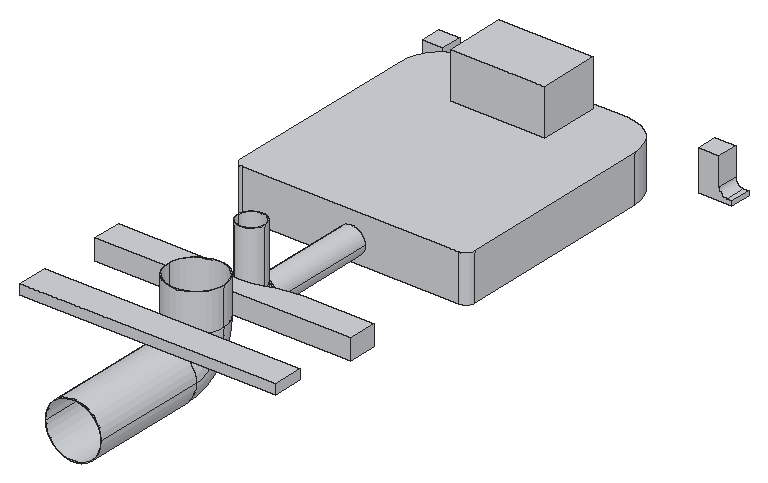
Revit family "Deca_Caixa de descarga embutida para drywall para bacia suspensa_Caixa embutida Hydra_2502.CX.AF", category Plumbing Fixtures, host Face, Revit 2019 (continued)
Lines and regions (mm)
  symbolic lines, style "PlumbingFixtures", visible <- "Visibilidade Mecanismo Interno", detail levels fine
    curve 25: arc (-29.918, 10.325, 0) -> (-29.14, 6.502, 0) -> (-26.958, 3.267, 0) r 10
    curve 26: arc (26.958, 3.267, 0) -> (29.14, 6.502, 0) -> (29.918, 10.325, 0) r 10
    curve 27: line (136.904, 531.183, 0) -> (139.771, 529.074, 0)
    curve 28: line (141.034, 529.074, 0) -> (195.088, 505.235, 0)
    curve 29: line (205.994, 458.626, 0) -> (141.034, 521.357, 0)
    curve 30: spline (215.988, 458.8, 0) -> (215.902, 458.82, 0) -> (215.646, 458.834, 0) -> (215.225, 458.841, 0) -> (214.647, 458.841, 0) -> (213.921, 458.834, 0) -> (213.059, 458.821, 0) -> (212.076, 458.802, 0) -> (210.989, 458.777, 0) -> (209.817, 458.746, 0) -> (208.58, 458.71, 0) -> (207.298, 458.67, 0) -> (205.994, 458.626, 0)
    curve 31: line (195.088, 505.235, 0) -> (198.54, 504.286, 0)
    curve 32: line (141.034, 530.635, 0) -> (166.462, 526.183, 0)
    curve 33: spline (195.088, 505.235, 0) -> (195.16, 505.3, 0) -> (195.238, 505.371, 0) -> (195.322, 505.447, 0) -> (195.412, 505.528, 0) -> (195.507, 505.615, 0) -> (195.607, 505.705, 0) -> (195.71, 505.799, 0) -> (195.817, 505.896, 0) -> (195.926, 505.995, 0) -> (196.037, 506.096, 0) -> (196.149, 506.199, 0) -> (196.262, 506.302, 0)
    curve 34: line (166.462, 526.183, 0) -> (196.262, 506.302, 0)
    curve 35: line (186.75, 556.692, 0) -> (186.75, 547.692, 0)
    curve 36: line (151.75, 547.692, 0) -> (151.75, 556.692, 0)
    curve 37: spline (196.678, 553.949, 0) -> (196.643, 554.74, 0) -> (196.523, 555.524, 0) -> (196.321, 556.29, 0) -> (196.038, 557.03, 0) -> (195.679, 557.736, 0) -> (195.245, 558.399, 0) -> (194.744, 559.013, 0) -> (194.181, 559.57, 0) -> (193.561, 560.063, 0) -> (192.892, 560.488, 0) -> (192.181, 560.839, 0) -> (191.438, 561.112, 0)
    curve 38: line (146.876, 561.112, 0) -> (191.438, 561.112, 0)
    curve 39: line (141.658, 554.597, 0) -> (146.876, 561.112, 0)
    curve 40: line (196.262, 506.302, 0) -> (198.5, 504.526, 0)
    curve 41: line (151.75, 548.683, 0) -> (148.25, 552.183, 0)
    curve 42: line (148.25, 552.183, 0) -> (151.75, 555.683, 0)
    curve 43: line (186.75, 555.683, 0) -> (190.25, 552.183, 0)
    curve 44: line (190.25, 552.183, 0) -> (186.75, 548.683, 0)
    curve 45: spline (141.658, 554.597, 0) -> (141.422, 554.615, 0) -> (141.19, 554.633, 0) -> (140.966, 554.651, 0) -> (140.753, 554.668, 0) -> (140.557, 554.683, 0) -> (140.379, 554.697, 0) -> (140.223, 554.709, 0) -> (140.091, 554.72, 0) -> (139.986, 554.728, 0) -> (139.91, 554.734, 0) -> (139.864, 554.738, 0) -> (139.849, 554.739, 0)
    curve 46: spline (191.438, 561.112, 0) -> (191.506, 561.332, 0) -> (191.572, 561.548, 0) -> (191.636, 561.756, 0) -> (191.697, 561.953, 0) -> (191.753, 562.135, 0) -> (191.804, 562.299, 0) -> (191.848, 562.443, 0) -> (191.885, 562.563, 0) -> (191.914, 562.659, 0) -> (191.936, 562.727, 0) -> (191.948, 562.768, 0) -> (191.952, 562.78, 0)
    curve 47: line (217.602, 411.965, 0) -> (217.57, 413.494, 0)
    curve 48: line (217.882, 404.186, 0) -> (217.602, 411.965, 0)
    curve 49: line (137.906, 532.533, 0) -> (139.771, 530.635, 0)
    curve 50: line (207.895, 404.186, 0) -> (217.882, 404.186, 0)
    curve 51: line (-161.403, 526.183, 0) -> (-141.034, 529.074, 0)
    curve 52: line (-173.597, 521.433, 0) -> (-161.403, 526.183, 0)
    curve 53: line (-139.771, 529.074, 0) -> (-136.904, 531.183, 0)
    curve 54: line (-166.462, 526.183, 0) -> (-141.034, 530.635, 0)
    curve 55: line (-176.989, 521.433, 0) -> (-166.462, 526.183, 0)
    curve 56: line (-139.771, 530.635, 0) -> (-137.906, 532.533, 0)
    curve 57: line (-151.75, 556.692, 0) -> (-151.75, 547.692, 0)
    curve 58: line (-186.75, 547.692, 0) -> (-186.75, 556.692, 0)
    curve 59: line (-190.25, 552.183, 0) -> (-186.75, 555.683, 0)
    curve 60: line (-186.75, 548.683, 0) -> (-190.25, 552.183, 0)
    curve 61: line (-148.25, 552.183, 0) -> (-151.75, 548.683, 0)
    curve 62: line (-151.75, 555.683, 0) -> (-148.25, 552.183, 0)
    curve 63: line (136.889, 531.183, 0) -> (137.906, 532.533, 0)
    curve 64: line (-137.906, 532.533, 0) -> (-136.889, 531.183, 0)
    curve 65: arc (43.5, 531.183, 0) -> (44.914, 531.769, 0) -> (45.5, 533.183, 0) r 2
    curve 66: arc (89.5, 533.183, 0) -> (90.086, 531.769, 0) -> (91.5, 531.183, 0) r 2
    curve 67: arc (47.5, 539.183, 0) -> (46.086, 538.597, 0) -> (45.5, 537.183, 0) r 2
    curve 68: arc (89.5, 537.183, 0) -> (88.914, 538.597, 0) -> (87.5, 539.183, 0) r 2
    curve 69: arc (-87.5, 539.183, 0) -> (-88.914, 538.597, 0) -> (-89.5, 537.183, 0) r 2
    curve 70: arc (-45.5, 537.183, 0) -> (-46.086, 538.597, 0) -> (-47.5, 539.183, 0) r 2
    curve 71: arc (-91.5, 531.183, 0) -> (-90.086, 531.769, 0) -> (-89.5, 533.183, 0) r 2
    curve 72: arc (-45.5, 533.183, 0) -> (-44.914, 531.769, 0) -> (-43.5, 531.183, 0) r 2
    curve 73: arc (22, 533.183, 0) -> (22.586, 531.769, 0) -> (24, 531.183, 0) r 2
    curve 74: arc (-24, 531.183, 0) -> (-22.586, 531.769, 0) -> (-22, 533.183, 0) r 2
    curve 75: arc (22, 537.183, 0) -> (21.414, 538.597, 0) -> (20, 539.183, 0) r 2
    curve 76: arc (-20, 539.183, 0) -> (-21.414, 538.597, 0) -> (-22, 537.183, 0) r 2
    curve 77: line (-122.794, 404.184, 0) -> (-129.231, 404.183, 0)
    curve 78: line (130.024, 521.357, 0) -> (130.061, 531.183, 0)
    curve 79: line (-130.061, 531.183, 0) -> (-130.024, 521.357, 0)
    curve 80: line (207.895, 401.183, 0) -> (129.283, 401.183, 0)
    curve 81: line (207.895, 401.183, 0) -> (217.843, 401.183, 0)
    curve 82: line (-207.895, 401.183, 0) -> (-129.283, 401.183, 0)
    curve 83: line (113.13, 401.183, 0) -> (129.283, 401.183, 0)
    curve 84: line (-118.161, 531.183, 0) -> (-110.868, 531.183, 0)
    curve 85: line (-108.475, 531.183, 0) -> (-91.751, 531.183, 0)
    curve 86: line (-43.519, 531.183, 0) -> (-37.053, 531.183, 0)
    curve 87: line (36.937, 531.183, 0) -> (43.519, 531.183, 0)
    curve 88: line (91.57, 531.183, 0) -> (108.576, 531.183, 0)
    curve 89: line (110.756, 531.183, 0) -> (116.564, 531.183, 0)
    curve 90: line (117.227, 531.183, 0) -> (118.32, 531.183, 0)
    curve 91: line (133.834, 531.184, 0) -> (136.008, 531.183, 0)
    curve 92: line (189.699, 388.182, 0) -> (202.852, 381.165, 0)
    curve 93: line (-200.225, 383.251, 0) -> (189.699, 388.182, 0)
    curve 94: line (-228.869, 373.183, 0) -> (-218.869, 373.183, 0)
    curve 95: line (-210.767, 374.871, 0) -> (-218.869, 373.183, 0)
    curve 96: line (-202.852, 381.165, 0) -> (-210.767, 374.871, 0)
    curve 97: line (208.935, 376.336, 0) -> (218.869, 373.183, 0)
    curve 98: line (202.852, 381.165, 0) -> (208.935, 376.336, 0)
    curve 99: line (218.869, 373.183, 0) -> (228.869, 373.183, 0)
    curve 100: line (-202.852, 381.165, 0) -> (-201.539, 382.208, 0)
    curve 101: line (-200.225, 383.251, 0) -> (-201.539, 382.208, 0)
    curve 102: spline (-42.063, 50.325, 0) -> (-38.566, 50.031, 0) -> (-35.067, 49.763, 0) -> (-31.566, 49.52, 0) -> (-28.063, 49.303, 0) -> (-24.558, 49.112, 0) -> (-21.052, 48.946, 0) -> (-17.544, 48.805, 0) -> (-14.036, 48.69, 0) -> (-10.527, 48.6, 0) -> (-7.018, 48.537, 0) -> (-3.509, 48.498, 0) -> (0, 48.485, 0)
    curve 103: line (0, 48.485, 0) -> (42.066, 50.325, 0)
    curve 104: line (177.5, 39.783, 0) -> (163, 40.159, 0)
    curve 105: line (216.948, 43.234, 0) -> (216.895, 52.068, 0)
    curve 106: line (199.053, 50.504, 0) -> (198.567, 51.242, 0)
    curve 107: line (97.15, 42.35, 0) -> (96.826, 34.359, 0)
    curve 108: line (96.826, 34.359, 0) -> (102.697, 34.883, 0)
    curve 109: line (-177.5, 39.783, 0) -> (-163, 40.159, 0)
    curve 110: line (-102.697, 34.883, 0) -> (-96.826, 34.359, 0)
    curve 111: line (-96.826, 34.359, 0) -> (-97.15, 42.35, 0)
    curve 112: line (-198.567, 51.242, 0) -> (-199.053, 50.504, 0)
    curve 113: line (-216.895, 52.068, 0) -> (-216.948, 43.234, 0)
    curve 114: line (94.285, 31.883, 0) -> (96.826, 34.359, 0)
    curve 115: spline (216.895, 52.068, 0) -> (218.123, 52.212, 0) -> (219.32, 52.486, 0) -> (220.468, 52.886, 0) -> (221.55, 53.405, 0) -> (222.548, 54.036, 0) -> (223.449, 54.769, 0) -> (224.237, 55.593, 0) -> (224.901, 56.495, 0) -> (225.43, 57.461, 0) -> (225.817, 58.477, 0) -> (226.055, 59.526, 0) -> (226.141, 60.594, 0)
    curve 116: spline (-226.141, 60.594, 0) -> (-226.055, 59.526, 0) -> (-225.817, 58.477, 0) -> (-225.43, 57.461, 0) -> (-224.901, 56.495, 0) -> (-224.237, 55.593, 0) -> (-223.448, 54.769, 0) -> (-222.548, 54.036, 0) -> (-221.549, 53.405, 0) -> (-220.468, 52.886, 0) -> (-219.319, 52.486, 0) -> (-218.122, 52.212, 0) -> (-216.895, 52.068, 0)
    curve 117: line (-96.826, 34.359, 0) -> (-94.285, 31.883, 0)
    curve 118: spline (-226.179, 64.923, 0) -> (-226.006, 64.919, 0) -> (-225.493, 64.919, 0) -> (-224.657, 64.922, 0) -> (-223.528, 64.928, 0) -> (-222.145, 64.936, 0) -> (-220.555, 64.948, 0) -> (-218.814, 64.961, 0) -> (-216.982, 64.976, 0) -> (-215.122, 64.993, 0) -> (-213.298, 65.009, 0) -> (-211.574, 65.026, 0) -> (-210.01, 65.043, 0)
    curve 119: spline (216.179, 64.983, 0) -> (217.485, 64.972, 0) -> (218.767, 64.961, 0) -> (220.006, 64.952, 0) -> (221.179, 64.943, 0) -> (222.267, 64.936, 0) -> (223.25, 64.929, 0) -> (224.112, 64.924, 0) -> (224.839, 64.921, 0) -> (225.418, 64.919, 0) -> (225.838, 64.919, 0) -> (226.093, 64.92, 0) -> (226.179, 64.923, 0)
    curve 120: line (228.843, 356.874, 0) -> (228.86, 367.853, 0)
    curve 121: line (228.867, 371.667, 0) -> (228.869, 372.934, 0)
    curve 122: line (199.053, 50.504, 0) -> (199.267, 51.374, 0)
    curve 123: line (216.895, 52.068, 0) -> (216.179, 64.983, 0)
    curve 124: line (199.053, 50.504, 0) -> (198.913, 51.352, 0)
    curve 125: spline (42.066, 50.325, 0) -> (42.127, 49.627, 0) -> (42.188, 48.93, 0) -> (42.249, 48.236, 0) -> (42.31, 47.547, 0) -> (42.369, 46.864, 0) -> (42.429, 46.189, 0) -> (42.487, 45.523, 0) -> (42.545, 44.867, 0) -> (42.601, 44.224, 0) -> (42.656, 43.594, 0) -> (42.71, 42.978, 0) -> (42.763, 42.379, 0)
    curve 126: line (92.425, 46.819, 0) -> (42.763, 42.379, 0)
    curve 127: line (97.175, 42.786, 0) -> (92.425, 46.819, 0)
    curve 128: line (94.393, 40.427, 0) -> (92.563, 45.292, 0)
    curve 129: line (-92.425, 46.819, 0) -> (-97.175, 42.786, 0)
    curve 130: line (-42.763, 42.379, 0) -> (-92.425, 46.819, 0)
    curve 131: spline (-42.763, 42.379, 0) -> (-42.71, 42.978, 0) -> (-42.656, 43.594, 0) -> (-42.601, 44.224, 0) -> (-42.545, 44.867, 0) -> (-42.487, 45.523, 0) -> (-42.429, 46.189, 0) -> (-42.369, 46.864, 0) -> (-42.31, 47.547, 0) -> (-42.249, 48.236, 0) -> (-42.188, 48.93, 0) -> (-42.127, 49.627, 0) -> (-42.066, 50.325, 0)
    curve 132: line (-198.913, 51.352, 0) -> (-199.053, 50.504, 0)
    curve 133: line (-199.267, 51.374, 0) -> (-199.053, 50.504, 0)
    curve 134: line (-92.563, 45.292, 0) -> (-94.393, 40.427, 0)
    curve 135: spline (200.084, 63.91, 0) -> (200.717, 63.905, 0) -> (201.285, 63.9, 0) -> (201.729, 63.898, 0) -> (202.004, 63.897, 0) -> (202.082, 63.898, 0) -> (201.955, 63.901, 0) -> (201.635, 63.905, 0) -> (201.155, 63.91, 0) -> (200.566, 63.916, 0) -> (199.927, 63.922, 0) -> (199.304, 63.927, 0) -> (198.761, 63.931, 0)
    curve 136: spline (200.079, 63.572, 0) -> (199.678, 63.581, 0) -> (199.294, 63.589, 0) -> (198.941, 63.596, 0) -> (198.635, 63.602, 0) -> (198.387, 63.607, 0) -> (198.208, 63.61, 0) -> (198.104, 63.611, 0) -> (198.081, 63.611, 0) -> (198.138, 63.608, 0) -> (198.275, 63.604, 0) -> (198.484, 63.599, 0) -> (198.758, 63.592, 0)
    curve 137: spline (200.074, 63.451, 0) -> (199.955, 63.453, 0) -> (199.835, 63.456, 0) -> (199.717, 63.457, 0) -> (199.6, 63.459, 0) -> (199.484, 63.461, 0) -> (199.371, 63.463, 0) -> (199.26, 63.464, 0) -> (199.152, 63.466, 0) -> (199.047, 63.467, 0) -> (198.946, 63.468, 0) -> (198.85, 63.469, 0) -> (198.757, 63.47, 0)
    curve 138: spline (197.445, 63.438, 0) -> (197.564, 63.44, 0) -> (197.683, 63.441, 0) -> (197.801, 63.443, 0) -> (197.918, 63.445, 0) -> (198.033, 63.448, 0) -> (198.146, 63.45, 0) -> (198.256, 63.453, 0) -> (198.364, 63.456, 0) -> (198.468, 63.459, 0) -> (198.569, 63.463, 0) -> (198.665, 63.466, 0) -> (198.757, 63.47, 0)
    curve 139: spline (197.438, 63.941, 0) -> (197.559, 63.94, 0) -> (197.679, 63.939, 0) -> (197.798, 63.938, 0) -> (197.915, 63.937, 0) -> (198.031, 63.936, 0) -> (198.145, 63.935, 0) -> (198.257, 63.934, 0) -> (198.365, 63.934, 0) -> (198.47, 63.933, 0) -> (198.571, 63.932, 0) -> (198.668, 63.931, 0) -> (198.761, 63.931, 0)
    curve 140: spline (11.491, 40.609, 0) -> (14.101, 40.679, 0) -> (16.71, 40.762, 0) -> (19.319, 40.86, 0) -> (21.927, 40.972, 0) -> (24.535, 41.099, 0) -> (27.142, 41.239, 0) -> (29.748, 41.394, 0) -> (32.353, 41.563, 0) -> (34.957, 41.745, 0) -> (37.561, 41.943, 0) -> (40.162, 42.154, 0) -> (42.763, 42.379, 0)
    curve 141: line (11.491, 40.609, 0) -> (0, 43.361, 0)
    curve 142: spline (42.902, 40.834, 0) -> (42.89, 40.97, 0) -> (42.878, 41.106, 0) -> (42.866, 41.241, 0) -> (42.854, 41.375, 0) -> (42.842, 41.507, 0) -> (42.83, 41.638, 0) -> (42.818, 41.768, 0) -> (42.807, 41.895, 0) -> (42.795, 42.02, 0) -> (42.784, 42.143, 0) -> (42.774, 42.263, 0) -> (42.763, 42.379, 0)
    curve 143: spline (92.563, 45.292, 0) -> (92.55, 45.426, 0) -> (92.538, 45.56, 0) -> (92.526, 45.693, 0) -> (92.515, 45.825, 0) -> (92.503, 45.957, 0) -> (92.491, 46.086, 0) -> (92.479, 46.214, 0) -> (92.468, 46.34, 0) -> (92.457, 46.464, 0) -> (92.446, 46.585, 0) -> (92.435, 46.704, 0) -> (92.425, 46.819, 0)
    curve 144: spline (12.045, 39.064, 0) -> (14.62, 39.136, 0) -> (17.195, 39.221, 0) -> (19.769, 39.32, 0) -> (22.343, 39.433, 0) -> (24.916, 39.56, 0) -> (27.489, 39.701, 0) -> (30.06, 39.855, 0) -> (32.631, 40.023, 0) -> (35.201, 40.206, 0) -> (37.769, 40.401, 0) -> (40.336, 40.611, 0) -> (42.902, 40.834, 0)
    curve 145: line (12.613, 27.165, 0) -> (12.045, 39.064, 0)
    curve 146: spline (-92.425, 46.819, 0) -> (-92.435, 46.704, 0) -> (-92.446, 46.585, 0) -> (-92.457, 46.464, 0) -> (-92.468, 46.34, 0) -> (-92.479, 46.214, 0) -> (-92.491, 46.086, 0) -> (-92.503, 45.957, 0) -> (-92.515, 45.825, 0) -> (-92.526, 45.693, 0) -> (-92.538, 45.56, 0) -> (-92.55, 45.426, 0) -> (-92.563, 45.292, 0)
    curve 147: spline (-42.755, 42.378, 0) -> (-42.711, 42.877, 0) -> (-42.675, 43.281, 0) -> (-42.65, 43.571, 0) -> (-42.637, 43.735, 0) -> (-42.635, 43.765, 0) -> (-42.645, 43.659, 0) -> (-42.667, 43.423, 0) -> (-42.7, 43.068, 0) -> (-42.742, 42.608, 0) -> (-42.791, 42.066, 0) -> (-42.846, 41.466, 0) -> (-42.902, 40.834, 0)
    curve 148: spline (-42.755, 42.378, 0) -> (-40.155, 42.153, 0) -> (-37.553, 41.942, 0) -> (-34.951, 41.745, 0) -> (-32.347, 41.562, 0) -> (-29.743, 41.393, 0) -> (-27.138, 41.239, 0) -> (-24.531, 41.098, 0) -> (-21.924, 40.972, 0) -> (-19.317, 40.86, 0) -> (-16.709, 40.762, 0) -> (-14.1, 40.679, 0) -> (-11.491, 40.609, 0)
    curve 149: line (0, 43.361, 0) -> (-11.491, 40.609, 0)
    curve 150: line (-12.045, 39.064, 0) -> (-12.613, 27.165, 0)
    curve 151: spline (-42.902, 40.834, 0) -> (-40.336, 40.611, 0) -> (-37.769, 40.401, 0) -> (-35.201, 40.206, 0) -> (-32.631, 40.023, 0) -> (-30.06, 39.855, 0) -> (-27.489, 39.701, 0) -> (-24.916, 39.56, 0) -> (-22.343, 39.433, 0) -> (-19.769, 39.32, 0) -> (-17.195, 39.221, 0) -> (-14.62, 39.136, 0) -> (-12.045, 39.064, 0)
    curve 152: arc (44, 25.183, 0) -> (43.707, 25.89, 0) -> (43, 26.183, 0) r 1
    curve 153: spline (44, 25.183, 0) -> (43.992, 25.314, 0) -> (43.966, 25.442, 0) -> (43.924, 25.566, 0) -> (43.866, 25.683, 0) -> (43.793, 25.792, 0) -> (43.707, 25.89, 0) -> (43.609, 25.976, 0) -> (43.5, 26.049, 0) -> (43.383, 26.107, 0) -> (43.259, 26.149, 0) -> (43.131, 26.174, 0) -> (43, 26.183, 0)
    curve 154: spline (-43, 26.183, 0) -> (-43.129, 26.175, 0) -> (-43.256, 26.15, 0) -> (-43.379, 26.109, 0) -> (-43.495, 26.052, 0) -> (-43.603, 25.981, 0) -> (-43.701, 25.896, 0) -> (-43.787, 25.8, 0) -> (-43.86, 25.693, 0) -> (-43.919, 25.578, 0) -> (-43.962, 25.456, 0) -> (-43.989, 25.33, 0) -> (-44, 25.201, 0)
    curve 155: arc (-43, 26.183, 0) -> (-43.707, 25.89, 0) -> (-44, 25.183, 0) r 1
    curve 156: line (12.045, 39.064, 0) -> (11.491, 40.609, 0)
    curve 157: line (45, -33.554, 0) -> (46.403, -33.817, 0)
    curve 158: line (-11.491, 40.609, 0) -> (-12.045, 39.064, 0)
    curve 159: line (-45, -33.554, 0) -> (-46.403, -33.817, 0)
    curve 160: line (44, -32.351, 0) -> (45, -33.554, 0)
    curve 161: line (-44, -32.351, 0) -> (-45, -33.554, 0)
    curve 162: line (226.076, 53.109, 0) -> (216.948, 43.234, 0)
    curve 163: line (-216.948, 43.234, 0) -> (-226.076, 53.109, 0)
    curve 164: arc (174.5, 31.883, 0) -> (176.621, 32.762, 0) -> (177.5, 34.883, 0) r 3
    curve 165: arc (-177.5, 34.883, 0) -> (-176.621, 32.762, 0) -> (-174.5, 31.883, 0) r 3
    curve 166: line (228.867, 371.667, 0) -> (228.86, 367.853, 0)
    curve 167: arc (218, 381.183, 0) -> (219.464, 377.647, 0) -> (223, 376.183, 0) r 5
    curve 168: line (-82.925, 543.433, 0) -> (-73.363, 543.433, 0)
    curve 169: line (-61.637, 543.433, 0) -> (-52.075, 543.433, 0)
    curve 170: arc (-49.427, 542.165, 0) -> (-49.988, 543.076, 0) -> (-50.997, 543.433, 0) r 1.606
    curve 171: arc (-84.003, 543.433, 0) -> (-85.012, 543.076, 0) -> (-85.573, 542.165, 0) r 1.606
    curve 172: line (-77.843, 543.833, 0) -> (-78.296, 545.326, 0)
    curve 173: line (-56.7, 545.34, 0) -> (-57.157, 543.833, 0)
    curve 174: arc (11.615, 516.834, 0) -> (12.329, 517.13, 0) -> (12.625, 517.844, 0) r 1.01
    curve 175: arc (-12.625, 517.844, 0) -> (-12.329, 517.13, 0) -> (-11.615, 516.834, 0) r 1.01
    curve 176: arc (107.565, 400.573, 0) -> (106.494, 400.129, 0) -> (106.05, 399.058, 0) r 1.515
    curve 177: arc (97.902, 518.197, 0) -> (99.6, 520.295, 0) -> (97.829, 522.332, 0) r 2.1
    curve 178: arc (97.952, 489.422, 0) -> (99.6, 491.477, 0) -> (97.945, 493.525, 0) r 2.1
    curve 179: arc (97.924, 418.716, 0) -> (99.6, 420.769, 0) -> (97.931, 422.828, 0) r 2.1
    curve 180: arc (97.829, 402.034, 0) -> (99.6, 404.071, 0) -> (97.902, 406.169, 0) r 2.1
    curve 181: arc (-99.241, 402.933, 0) -> (-98.628, 402.337, 0) -> (-97.829, 402.034, 0) r 2.1
    curve 182: spline (-11.615, 519.497, 0) -> (-11.747, 519.497, 0) -> (-11.876, 519.497, 0) -> (-12.001, 519.496, 0) -> (-12.12, 519.496, 0) -> (-12.23, 519.495, 0) -> (-12.329, 519.494, 0) -> (-12.416, 519.493, 0) -> (-12.49, 519.492, 0) -> (-12.548, 519.491, 0) -> (-12.591, 519.49, 0) -> (-12.616, 519.489, 0) -> (-12.625, 519.487, 0)
    curve 183: spline (12.625, 519.487, 0) -> (12.616, 519.489, 0) -> (12.591, 519.49, 0) -> (12.548, 519.491, 0) -> (12.49, 519.492, 0) -> (12.416, 519.493, 0) -> (12.329, 519.494, 0) -> (12.23, 519.495, 0) -> (12.12, 519.496, 0) -> (12.002, 519.496, 0) -> (11.876, 519.497, 0) -> (11.747, 519.497, 0) -> (11.615, 519.497, 0)
    curve 184: arc (68.68, 513.196, 0) -> (70.188, 513.821, 0) -> (70.813, 515.329, 0) r 2.133
    curve 185: arc (50.387, 515.329, 0) -> (51.012, 513.821, 0) -> (52.52, 513.196, 0) r 2.133
    curve 186: arc (-52.52, 513.196, 0) -> (-51.012, 513.821, 0) -> (-50.387, 515.329, 0) r 2.133
    curve 187: arc (-70.813, 515.329, 0) -> (-70.188, 513.821, 0) -> (-68.68, 513.196, 0) r 2.133
    curve 188: arc (-34.886, -207.127, 0) -> (-36.359, -208.559, 0) -> (-36.9, -210.541, 0) r 3.9
    curve 189: arc (-19, -232.007, 0) -> (-16.76, -232.291, 0) -> (-14.515, -232.54, 0) r 142.05
    curve 190: arc (-36.353, -214.767, 0) -> (-35.947, -214.965, 0) -> (-35.5, -215.033, 0) r 1.5
    curve 191: arc (-35, -215.033, 0) -> (-34.293, -214.741, 0) -> (-34, -214.033, 0) r 1
    curve 192: arc (28.1, -175.719, 0) -> (26.939, -175.515, 0) -> (25.762, -175.464, 0) r 9
    curve 193: line (35.107, -205.941, 0) -> (35.839, -208.541, 0)
    curve 194: arc (38.254, -215.619, 0) -> (38.687, -214.97, 0) -> (38.839, -214.205, 0) r 2
    curve 195: arc (35.011, -218.033, 0) -> (35.776, -217.881, 0) -> (36.425, -217.448, 0) r 2
    curve 196: line (33.039, -217.943, 0) -> (31.318, -216.96, 0)
    curve 197: line (70.161, -321.19, 0) -> (70.862, -315.863, 0)
    curve 198: line (64.078, -328.192, 0) -> (63.971, -327.261, 0)
    curve 199: spline (63.971, -327.261, 0) -> (63.959, -327.161, 0) -> (63.946, -327.06, 0) -> (63.934, -326.96, 0) -> (63.921, -326.859, 0) -> (63.908, -326.759, 0) -> (63.895, -326.658, 0) -> (63.881, -326.558, 0) -> (63.868, -326.457, 0) -> (63.854, -326.357, 0) -> (63.84, -326.257, 0) -> (63.827, -326.156, 0) -> (63.812, -326.056, 0)
    curve 200: spline (28.738, -277.386, 0) -> (28.648, -277.343, 0) -> (28.555, -277.304, 0) -> (28.461, -277.268, 0) -> (28.365, -277.236, 0) -> (28.269, -277.208, 0) -> (28.171, -277.184, 0) -> (28.073, -277.164, 0) -> (27.973, -277.148, 0) -> (27.873, -277.136, 0) -> (27.773, -277.128, 0) -> (27.673, -277.124, 0) -> (27.572, -277.124, 0)
    curve 201: spline (20.123, -276.773, 0) -> (20.141, -276.823, 0) -> (20.165, -276.87, 0) -> (20.193, -276.915, 0) -> (20.226, -276.956, 0) -> (20.263, -276.994, 0) -> (20.304, -277.027, 0) -> (20.348, -277.056, 0) -> (20.395, -277.08, 0) -> (20.444, -277.099, 0) -> (20.495, -277.113, 0) -> (20.548, -277.121, 0) -> (20.6, -277.124, 0)
    curve 202: spline (-20.601, -277.124, 0) -> (-20.523, -277.118, 0) -> (-20.448, -277.1, 0) -> (-20.376, -277.071, 0) -> (-20.309, -277.031, 0) -> (-20.249, -276.981, 0) -> (-20.198, -276.922, 0) -> (-20.157, -276.856, 0) -> (-20.127, -276.784, 0) -> (-20.107, -276.709, 0) -> (-20.1, -276.631, 0) -> (-20.105, -276.554, 0) -> (-20.122, -276.478, 0)
    curve 203: spline (-27.624, -277.124, 0) -> (-27.721, -277.126, 0) -> (-27.817, -277.132, 0) -> (-27.912, -277.141, 0) -> (-28.008, -277.154, 0) -> (-28.102, -277.171, 0) -> (-28.196, -277.191, 0) -> (-28.289, -277.215, 0) -> (-28.381, -277.242, 0) -> (-28.472, -277.273, 0) -> (-28.562, -277.308, 0) -> (-28.651, -277.345, 0) -> (-28.738, -277.387, 0)
    curve 204: spline (-60.783, -356.475, 0) -> (-60.754, -356.55, 0) -> (-60.718, -356.623, 0) -> (-60.676, -356.692, 0) -> (-60.629, -356.758, 0) -> (-60.577, -356.819, 0) -> (-60.52, -356.877, 0) -> (-60.458, -356.929, 0) -> (-60.393, -356.976, 0) -> (-60.324, -357.018, 0) -> (-60.251, -357.054, 0) -> (-60.176, -357.085, 0) -> (-60.099, -357.109, 0)
    curve 205: line (-52.142, -357.413, 0) -> (-53.22, -358.952, 0)
    curve 206: spline (-55.734, -349.942, 0) -> (-55.884, -349.996, 0) -> (-56.025, -350.073, 0) -> (-56.151, -350.171, 0) -> (-56.26, -350.288, 0) -> (-56.349, -350.421, 0) -> (-56.415, -350.566, 0) -> (-56.458, -350.72, 0) -> (-56.475, -350.879, 0) -> (-56.467, -351.039, 0) -> (-56.433, -351.195, 0) -> (-56.376, -351.344, 0) -> (-56.295, -351.482, 0)
    curve 207: line (63.052, -299.114, 0) -> (58.037, -298.454, 0)
    curve 208: spline (56.969, -301.647, 0) -> (56.929, -301.578, 0) -> (56.889, -301.51, 0) -> (56.848, -301.441, 0) -> (56.808, -301.373, 0) -> (56.767, -301.304, 0) -> (56.726, -301.236, 0) -> (56.686, -301.168, 0) -> (56.645, -301.099, 0) -> (56.604, -301.031, 0) -> (56.563, -300.963, 0) -> (56.522, -300.895, 0) -> (56.481, -300.827, 0)
    curve 209: spline (61.263, -299.782, 0) -> (61.18, -299.637, 0) -> (61.074, -299.508, 0) -> (60.948, -299.398, 0) -> (60.805, -299.311, 0) -> (60.65, -299.249, 0) -> (60.487, -299.213, 0) -> (60.32, -299.205, 0) -> (60.154, -299.225, 0) -> (59.994, -299.273, 0) -> (59.844, -299.346, 0) -> (59.708, -299.443, 0) -> (59.59, -299.562, 0)
    curve 210: spline (68.742, -319.919, 0) -> (68.914, -319.694, 0) -> (69.063, -319.453, 0) -> (69.19, -319.199, 0) -> (69.291, -318.935, 0) -> (69.368, -318.662, 0) -> (69.418, -318.383, 0) -> (69.442, -318.1, 0) -> (69.439, -317.817, 0) -> (69.409, -317.535, 0) -> (69.352, -317.257, 0) -> (69.27, -316.986, 0) -> (69.163, -316.723, 0)
    curve 211: spline (28.75, -277.318, 0) -> (28.663, -277.277, 0) -> (28.575, -277.239, 0) -> (28.485, -277.205, 0) -> (28.394, -277.174, 0) -> (28.302, -277.146, 0) -> (28.208, -277.123, 0) -> (28.114, -277.102, 0) -> (28.02, -277.086, 0) -> (27.924, -277.073, 0) -> (27.828, -277.064, 0) -> (27.732, -277.058, 0) -> (27.636, -277.056, 0)
    curve 212: spline (-28.216, -277.124, 0) -> (-28.262, -277.136, 0) -> (-28.308, -277.148, 0) -> (-28.353, -277.161, 0) -> (-28.399, -277.175, 0) -> (-28.444, -277.19, 0) -> (-28.489, -277.206, 0) -> (-28.533, -277.223, 0) -> (-28.577, -277.24, 0) -> (-28.621, -277.258, 0) -> (-28.665, -277.278, 0) -> (-28.708, -277.297, 0) -> (-28.75, -277.318, 0)
    curve 213: spline (56.969, -301.647, 0) -> (57.015, -301.712, 0) -> (57.07, -301.769, 0) -> (57.134, -301.817, 0) -> (57.205, -301.854, 0) -> (57.28, -301.879, 0) -> (57.359, -301.892, 0) -> (57.438, -301.892, 0) -> (57.517, -301.88, 0) -> (57.593, -301.855, 0) -> (57.664, -301.819, 0) -> (57.728, -301.772, 0) -> (57.784, -301.715, 0)
    curve 214: spline (63.613, -324.739, 0) -> (63.637, -324.832, 0) -> (63.678, -324.918, 0) -> (63.735, -324.995, 0) -> (63.805, -325.059, 0) -> (63.886, -325.109, 0) -> (63.976, -325.143, 0) -> (64.07, -325.16, 0) -> (64.166, -325.158, 0) -> (64.259, -325.138, 0) -> (64.347, -325.101, 0) -> (64.427, -325.048, 0) -> (64.495, -324.98, 0)
    curve 215: line (-47.532, -370.997, 0) -> (-43.014, -369.473, 0)
    curve 216: line (-60.925, -369.995, 0) -> (-58.607, -371.132, 0)
    curve 217: spline (-64.41, -337.125, 0) -> (-64.943, -336.883, 0) -> (-65.51, -336.74, 0) -> (-66.094, -336.702, 0) -> (-66.675, -336.769, 0) -> (-67.234, -336.939, 0) -> (-67.754, -337.207, 0) -> (-68.217, -337.564, 0) -> (-68.609, -337.998, 0) -> (-68.916, -338.496, 0) -> (-69.129, -339.04, 0) -> (-69.241, -339.614, 0) -> (-69.248, -340.199, 0)
    curve 218: line (-66.149, -379.66, 0) -> (-63.057, -381.18, 0)
    curve 219: spline (-66.151, -379.664, 0) -> (-66.094, -380.005, 0) -> (-65.98, -380.33, 0) -> (-65.811, -380.632, 0) -> (-65.593, -380.899, 0) -> (-65.332, -381.126, 0) -> (-65.036, -381.304, 0) -> (-64.714, -381.428, 0) -> (-64.375, -381.496, 0) -> (-64.03, -381.504, 0) -> (-63.688, -381.453, 0) -> (-63.361, -381.343, 0) -> (-63.057, -381.18, 0)
    curve 220: spline (-64.411, -337.119, 0) -> (-64.944, -336.877, 0) -> (-65.512, -336.735, 0) -> (-66.096, -336.697, 0) -> (-66.677, -336.764, 0) -> (-67.237, -336.935, 0) -> (-67.758, -337.203, 0) -> (-68.221, -337.561, 0) -> (-68.613, -337.995, 0) -> (-68.921, -338.494, 0) -> (-69.134, -339.039, 0) -> (-69.246, -339.614, 0) -> (-69.253, -340.199, 0)
    curve 221: spline (-50, -634.951, 0) -> (-48.296, -634.973, 0) -> (-43.301, -634.995, 0) -> (-35.355, -635.013, 0) -> (-25, -635.026, 0) -> (-12.941, -635.035, 0) -> (0, -635.038, 0) -> (12.941, -635.035, 0) -> (25, -635.026, 0) -> (35.355, -635.013, 0) -> (43.301, -634.995, 0) -> (48.296, -634.973, 0) -> (50, -634.951, 0)
    curve 222: line (45.139, -366.622, 0) -> (45.15, -380.093, 0)
    curve 223: line (-45.15, -380.093, 0) -> (-45.146, -369.872, 0)
    curve 224: arc (-301, 606.433, 0) -> (-305.25, 602.183, 0) -> (-301, 597.933, 0) r 4.25
    curve 225: arc (-291, 603.619, 0) -> (-292.555, 605.659, 0) -> (-295, 606.433, 0) r 4.25
    curve 226: arc (-295, 597.933, 0) -> (-292.555, 598.707, 0) -> (-291, 600.747, 0) r 4.25
    curve 227: circle (-270, 602.183, 0) r 8.25 normal (0, 0, 1)
    curve 228: line (-290, 622.183, 0) -> (-306, 622.183, 0)
    curve 229: arc (-313, 622.183, 0) -> (-314.414, 621.597, 0) -> (-315, 620.183, 0) r 2
    curve 230: arc (-315, 584.183, 0) -> (-314.414, 582.769, 0) -> (-313, 582.183, 0) r 2
    curve 231: arc (301, 597.933, 0) -> (305.25, 602.183, 0) -> (301, 606.433, 0) r 4.25
    curve 232: arc (291, 600.747, 0) -> (292.555, 598.707, 0) -> (295, 597.933, 0) r 4.25
    curve 233: arc (295, 606.433, 0) -> (292.555, 605.659, 0) -> (291, 603.619, 0) r 4.25
    curve 234: circle (270, 602.183, 0) r 8.25 normal (0, 0, 1)
    curve 235: line (290, 582.183, 0) -> (306, 582.183, 0)
    curve 236: arc (313, 582.183, 0) -> (314.414, 582.769, 0) -> (315, 584.183, 0) r 2
    curve 237: arc (315, 620.183, 0) -> (314.414, 621.597, 0) -> (313, 622.183, 0) r 2
    curve 238: circle (0, -200.033, 0) r 35.6 normal (0, 0, 1)
    curve 239: circle (0, -200.033, 0) r 34.271 normal (0, 0, 1)
    curve 240: circle (0, -200.033, 0) r 27.516 normal (0, 0, 1)
    curve 241: circle (0, -200.033, 0) r 23.588 normal (0, 0, 1)
    curve 242: circle (0, -200.033, 0) r 30.925 normal (0, 0, 1)
    curve 243: spline (55, -335.197, 0) -> (53.126, -320.962, 0) -> (47.631, -307.697, 0) -> (38.891, -296.307, 0) -> (27.5, -287.566, 0) -> (14.235, -282.072, 0) -> (0, -280.198, 0) -> (-14.235, -282.072, 0) -> (-27.5, -287.566, 0) -> (-38.891, -296.307, 0) -> (-47.631, -307.697, 0) -> (-53.126, -320.962, 0) -> (-55, -335.197, 0) -> (-53.126, -349.432, 0) -> (-47.631, -362.697, 0) -> (-38.891, -374.088, 0) -> (-27.5, -382.829, 0) -> (-14.235, -388.323, 0) -> (0, -390.197, 0) -> (14.235, -388.323, 0) -> (27.5, -382.829, 0) -> (38.891, -374.088, 0) -> (47.631, -362.697, 0) -> (53.126, -349.432, 0) -> (55, -335.197, 0)
    curve 244: spline (-48.931, -335.103, 0) -> (-47.264, -347.767, 0) -> (-42.376, -359.568, 0) -> (-34.6, -369.702, 0) -> (-24.466, -377.478, 0) -> (-12.664, -382.366, 0) -> (0, -384.034, 0) -> (12.664, -382.366, 0) -> (24.466, -377.478, 0) -> (34.6, -369.702, 0) -> (42.376, -359.568, 0) -> (47.264, -347.767, 0) -> (48.931, -335.103, 0) -> (47.264, -322.438, 0) -> (42.376, -310.637, 0) -> (34.6, -300.503, 0) -> (24.466, -292.727, 0) -> (12.664, -287.839, 0) -> (0, -286.172, 0) -> (-12.664, -287.839, 0) -> (-24.466, -292.727, 0) -> (-34.6, -300.503, 0) -> (-42.376, -310.637, 0) -> (-47.264, -322.438, 0) -> (-48.931, -335.103, 0)
    curve 245: spline (44.3, -335.103, 0) -> (42.791, -323.637, 0) -> (38.365, -312.953, 0) -> (31.325, -303.778, 0) -> (22.15, -296.738, 0) -> (11.466, -292.312, 0) -> (0, -290.803, 0) -> (-11.466, -292.312, 0) -> (-22.15, -296.738, 0) -> (-31.325, -303.778, 0) -> (-38.365, -312.953, 0) -> (-42.791, -323.637, 0) -> (-44.3, -335.103, 0) -> (-42.791, -346.568, 0) -> (-38.365, -357.253, 0) -> (-31.325, -366.427, 0) -> (-22.15, -373.468, 0) -> (-11.466, -377.893, 0) -> (0, -379.403, 0) -> (11.466, -377.893, 0) -> (22.15, -373.468, 0) -> (31.325, -366.427, 0) -> (38.365, -357.253, 0) -> (42.791, -346.568, 0) -> (44.3, -335.103, 0)
    curve 246: spline (42.3, -335.097, 0) -> (40.859, -324.149, 0) -> (36.633, -313.947, 0) -> (29.911, -305.187, 0) -> (21.15, -298.465, 0) -> (10.948, -294.239, 0) -> (0, -292.797, 0) -> (-10.948, -294.239, 0) -> (-21.15, -298.465, 0) -> (-29.911, -305.187, 0) -> (-36.633, -313.947, 0) -> (-40.859, -324.149, 0) -> (-42.3, -335.097, 0) -> (-40.859, -346.045, 0) -> (-36.633, -356.247, 0) -> (-29.911, -365.008, 0) -> (-21.15, -371.73, 0) -> (-10.948, -375.956, 0) -> (0, -377.397, 0) -> (10.948, -375.956, 0) -> (21.15, -371.73, 0) -> (29.911, -365.008, 0) -> (36.633, -356.247, 0) -> (40.859, -346.045, 0) -> (42.3, -335.097, 0)
    curve 247: spline (-40.054, -335.061, 0) -> (-38.69, -345.428, 0) -> (-34.688, -355.088, 0) -> (-28.323, -363.383, 0) -> (-20.027, -369.749, 0) -> (-10.367, -373.75, 0) -> (0, -375.115, 0) -> (10.367, -373.75, 0) -> (20.027, -369.749, 0) -> (28.323, -363.383, 0) -> (34.688, -355.088, 0) -> (38.69, -345.428, 0) -> (40.054, -335.061, 0) -> (38.69, -324.694, 0) -> (34.688, -315.034, 0) -> (28.323, -306.738, 0) -> (20.027, -300.373, 0) -> (10.367, -296.371, 0) -> (0, -295.006, 0) -> (-10.367, -296.371, 0) -> (-20.027, -300.373, 0) -> (-28.323, -306.738, 0) -> (-34.688, -315.034, 0) -> (-38.69, -324.694, 0) -> (-40.054, -335.061, 0)
    curve 248: arc (-90.114, 405.819, 0) -> (-89.821, 405.111, 0) -> (-89.114, 404.819, 0) r 1
    curve 249: arc (-89.114, 519.547, 0) -> (-89.821, 519.254, 0) -> (-90.114, 518.547, 0) r 1
    curve 250: arc (90.114, 518.547, 0) -> (89.821, 519.254, 0) -> (89.114, 519.547, 0) r 1
    curve 251: arc (89.114, 404.819, 0) -> (89.821, 405.111, 0) -> (90.114, 405.819, 0) r 1
    curve 252: arc (-117.514, 404.592, 0) -> (-115.604, 404.972, 0) -> (-113.985, 406.054, 0) r 4.991
    curve 253: spline (-122.794, 403.433, 0) -> (-122.79, 403.368, 0) -> (-122.777, 403.304, 0) -> (-122.756, 403.242, 0) -> (-122.727, 403.183, 0) -> (-122.69, 403.129, 0) -> (-122.647, 403.079, 0) -> (-122.598, 403.036, 0) -> (-122.543, 403, 0) -> (-122.485, 402.971, 0) -> (-122.423, 402.95, 0) -> (-122.358, 402.937, 0) -> (-122.293, 402.933, 0)
    curve 254: arc (-97, 402.933, 0) -> (-96.293, 403.226, 0) -> (-96, 403.933, 0) r 1
    curve 255: arc (-96, 520.433, 0) -> (-96.293, 521.14, 0) -> (-97, 521.433, 0) r 1
    curve 256: spline (-122.293, 521.433, 0) -> (-122.358, 521.429, 0) -> (-122.423, 521.416, 0) -> (-122.485, 521.395, 0) -> (-122.543, 521.366, 0) -> (-122.598, 521.33, 0) -> (-122.647, 521.286, 0) -> (-122.69, 521.237, 0) -> (-122.727, 521.183, 0) -> (-122.756, 521.124, 0) -> (-122.777, 521.062, 0) -> (-122.79, 520.998, 0) -> (-122.794, 520.933, 0)
    curve 257: arc (-113.985, 518.312, 0) -> (-115.604, 519.394, 0) -> (-117.514, 519.774, 0) r 4.991
    curve 258: arc (-98.159, 500.419, 0) -> (-98.539, 502.329, 0) -> (-99.621, 503.948, 0) r 4.991
    curve 259: arc (-99.621, 420.417, 0) -> (-98.539, 422.037, 0) -> (-98.159, 423.947, 0) r 4.991
    curve 260: spline (97.897, 521.443, 0) -> (97.844, 522.226, 0) -> (97.69, 522.994, 0) -> (97.437, 523.736, 0) -> (97.089, 524.439, 0) -> (96.653, 525.09, 0) -> (96.136, 525.679, 0) -> (95.546, 526.196, 0) -> (94.894, 526.631, 0) -> (94.19, 526.977, 0) -> (93.448, 527.229, 0) -> (92.679, 527.382, 0) -> (91.897, 527.433, 0)
    curve 261: spline (-91.897, 527.433, 0) -> (-92.68, 527.382, 0) -> (-93.449, 527.228, 0) -> (-94.193, 526.976, 0) -> (-94.897, 526.629, 0) -> (-95.549, 526.193, 0) -> (-96.139, 525.676, 0) -> (-96.657, 525.086, 0) -> (-97.093, 524.433, 0) -> (-97.44, 523.729, 0) -> (-97.692, 522.986, 0) -> (-97.845, 522.216, 0) -> (-97.897, 521.433, 0)
    curve 262: spline (-97.897, 402.933, 0) -> (-97.845, 402.15, 0) -> (-97.692, 401.38, 0) -> (-97.44, 400.637, 0) -> (-97.093, 399.933, 0) -> (-96.657, 399.28, 0) -> (-96.139, 398.69, 0) -> (-95.549, 398.173, 0) -> (-94.897, 397.737, 0) -> (-94.193, 397.39, 0) -> (-93.449, 397.137, 0) -> (-92.68, 396.984, 0) -> (-91.897, 396.933, 0)
    curve 263: spline (91.897, 396.933, 0) -> (92.679, 396.984, 0) -> (93.448, 397.137, 0) -> (94.19, 397.389, 0) -> (94.894, 397.735, 0) -> (95.546, 398.17, 0) -> (96.136, 398.687, 0) -> (96.653, 399.276, 0) -> (97.089, 399.927, 0) -> (97.437, 400.63, 0) -> (97.69, 401.372, 0) -> (97.844, 402.14, 0) -> (97.897, 402.922, 0)
    curve 264: spline (-261.475, 472.866, 0) -> (-261.492, 473.126, 0) -> (-261.543, 473.382, 0) -> (-261.626, 473.629, 0) -> (-261.742, 473.863, 0) -> (-261.886, 474.079, 0) -> (-262.058, 474.275, 0) -> (-262.253, 474.447, 0) -> (-262.47, 474.591, 0) -> (-262.704, 474.707, 0) -> (-262.951, 474.79, 0) -> (-263.207, 474.841, 0) -> (-263.467, 474.858, 0)
    curve 265: spline (-263.467, 449.508, 0) -> (-263.207, 449.525, 0) -> (-262.951, 449.576, 0) -> (-262.704, 449.659, 0) -> (-262.47, 449.774, 0) -> (-262.253, 449.919, 0) -> (-262.058, 450.091, 0) -> (-261.886, 450.286, 0) -> (-261.742, 450.503, 0) -> (-261.626, 450.737, 0) -> (-261.543, 450.984, 0) -> (-261.492, 451.24, 0) -> (-261.475, 451.5, 0)
    curve 266: spline (-242.293, 521.433, 0) -> (-242.358, 521.429, 0) -> (-242.423, 521.416, 0) -> (-242.485, 521.395, 0) -> (-242.543, 521.366, 0) -> (-242.598, 521.33, 0) -> (-242.647, 521.286, 0) -> (-242.69, 521.237, 0) -> (-242.727, 521.183, 0) -> (-242.756, 521.124, 0) -> (-242.777, 521.062, 0) -> (-242.79, 520.998, 0) -> (-242.794, 520.933, 0)
    curve 267: spline (-133.406, 520.933, 0) -> (-133.41, 520.998, 0) -> (-133.423, 521.062, 0) -> (-133.444, 521.124, 0) -> (-133.473, 521.183, 0) -> (-133.51, 521.237, 0) -> (-133.553, 521.286, 0) -> (-133.602, 521.33, 0) -> (-133.657, 521.366, 0) -> (-133.715, 521.395, 0) -> (-133.777, 521.416, 0) -> (-133.842, 521.429, 0) -> (-133.907, 521.433, 0)
    curve 268: spline (-133.907, 402.933, 0) -> (-133.842, 402.937, 0) -> (-133.777, 402.95, 0) -> (-133.715, 402.971, 0) -> (-133.657, 403, 0) -> (-133.602, 403.036, 0) -> (-133.553, 403.079, 0) -> (-133.51, 403.129, 0) -> (-133.473, 403.183, 0) -> (-133.444, 403.242, 0) -> (-133.423, 403.304, 0) -> (-133.41, 403.368, 0) -> (-133.406, 403.433, 0)
    curve 269: line (-223.683, 480.666, 0) -> (-224.983, 479.366, 0)
    curve 270: line (-220.518, 479.366, 0) -> (-221.817, 480.666, 0)
    curve 271: line (-221.817, 443.7, 0) -> (-220.518, 445, 0)
    curve 272: line (-224.983, 445, 0) -> (-223.683, 443.7, 0)
    curve 273: circle (-242.9, 462.183, 0) r 12.941 normal (0, 0, 1)
    curve 274: arc (-258.314, 517.292, 0) -> (-259.274, 517.101, 0) -> (-260.088, 516.557, 0) r 2.509
    curve 275: arc (-274.624, 502.021, 0) -> (-275.168, 501.207, 0) -> (-275.359, 500.247, 0) r 2.509
    curve 276: arc (-275.359, 424.118, 0) -> (-275.168, 423.158, 0) -> (-274.624, 422.345, 0) r 2.509
    curve 277: arc (-260.088, 407.809, 0) -> (-259.274, 407.265, 0) -> (-258.314, 407.074, 0) r 2.509
    curve 278: circle (-242.9, 462.183, 0) r 11.941 normal (0, 0, 1)
    curve 279: arc (-279, 521.433, 0) -> (-279.707, 521.14, 0) -> (-280, 520.433, 0) r 1
    curve 280: arc (-280, 403.933, 0) -> (-279.707, 403.226, 0) -> (-279, 402.933, 0) r 1
    curve 281: arc (-262.015, 406.054, 0) -> (-260.396, 404.972, 0) -> (-258.486, 404.592, 0) r 4.991
    curve 282: arc (-277.841, 423.947, 0) -> (-277.461, 422.037, 0) -> (-276.379, 420.417, 0) r 4.991
    curve 283: arc (-276.379, 503.948, 0) -> (-277.461, 502.329, 0) -> (-277.841, 500.419, 0) r 4.991
    curve 284: arc (-258.486, 519.774, 0) -> (-260.396, 519.394, 0) -> (-262.015, 518.312, 0) r 4.991
    curve 285: spline (-253.406, 520.933, 0) -> (-253.41, 520.998, 0) -> (-253.423, 521.062, 0) -> (-253.444, 521.124, 0) -> (-253.473, 521.183, 0) -> (-253.51, 521.237, 0) -> (-253.553, 521.286, 0) -> (-253.602, 521.33, 0) -> (-253.657, 521.366, 0) -> (-253.715, 521.395, 0) -> (-253.777, 521.416, 0) -> (-253.842, 521.429, 0) -> (-253.907, 521.433, 0)
    curve 286: spline (-253.907, 402.933, 0) -> (-253.842, 402.937, 0) -> (-253.777, 402.95, 0) -> (-253.715, 402.971, 0) -> (-253.657, 403, 0) -> (-253.602, 403.036, 0) -> (-253.553, 403.079, 0) -> (-253.51, 403.129, 0) -> (-253.473, 403.183, 0) -> (-253.444, 403.242, 0) -> (-253.423, 403.304, 0) -> (-253.41, 403.368, 0) -> (-253.406, 403.433, 0)
    curve 287: line (-187.086, 435.025, 0) -> (-187.095, 430.471, 0)
    curve 288: arc (-145.927, 497.064, 0) -> (-150.147, 506.436, 0) -> (-159.518, 510.656, 0) r 14.5
    curve 289: arc (-159.518, 481.71, 0) -> (-150.147, 485.93, 0) -> (-145.927, 495.301, 0) r 14.5
    curve 290: arc (-174.873, 495.301, 0) -> (-170.653, 485.93, 0) -> (-161.282, 481.71, 0) r 14.5
    curve 291: arc (-161.282, 510.656, 0) -> (-170.653, 506.436, 0) -> (-174.873, 497.064, 0) r 14.5
    curve 292: circle (-139.9, 443.183, 0) r 31.717 normal (0, 0, 1)
    curve 293: line (-144.4, 496.183, 0) -> (-146.131, 497.183, 0)
    curve 294: line (-146.131, 495.183, 0) -> (-144.4, 496.183, 0)
    curve 295: line (-160.4, 480.183, 0) -> (-159.4, 481.914, 0)
    curve 296: line (-161.4, 481.914, 0) -> (-160.4, 480.183, 0)
    curve 297: line (-176.4, 496.183, 0) -> (-174.669, 495.183, 0)
    curve 298: line (-174.669, 497.183, 0) -> (-176.4, 496.183, 0)
    curve 299: line (-160.4, 512.183, 0) -> (-161.4, 510.452, 0)
    curve 300: line (-159.4, 510.452, 0) -> (-160.4, 512.183, 0)
    curve 301: circle (-160.4, 496.183, 0) r 13 normal (0, 0, 1)
    curve 302: circle (-160.4, 496.183, 0) r 12.7 normal (0, 0, 1)
    curve 303: line (-0.109, 388.189, 0) -> (106.987, 388.199, 0)
    curve 304: line (64.869, -225.916, 0) -> (45.438, -232.185, 0)
    curve 305: line (-45.438, -232.185, 0) -> (-64.869, -225.916, 0)
    curve 306: line (-110, -218.817, 0) -> (-250, -218.817, 0)
    curve 307: line (-250, -263.817, 0) -> (250, -263.817, 0)
    curve 308: line (249, -230.369, 0) -> (249, -252.265, 0)
    curve 309: line (250, -212.817, 0) -> (110, -212.817, 0)
    curve 310: line (63.027, -220.206, 0) -> (43.595, -226.475, 0)
    curve 311: line (-43.595, -226.475, 0) -> (-63.027, -220.206, 0)
    curve 312: line (-110, -212.817, 0) -> (-250, -212.817, 0)
    curve 313: line (-250, -269.817, 0) -> (250, -269.817, 0)
    curve 314: line (-250, 405.144, 0) -> (-250, -457.817, 0)
    curve 315: line (-250, -457.817, 0) -> (-290, -457.817, 0)
    curve 316: line (-290, -457.817, 0) -> (-290, 622.183, 0)
    curve 317: line (-290, 622.183, 0) -> (-250, 622.183, 0)
    curve 318: line (-250, 622.183, 0) -> (-250, 519.222, 0)
    curve 319: line (290, 622.183, 0) -> (290, -457.817, 0)
    curve 320: line (290, -457.817, 0) -> (250, -457.817, 0)
    curve 321: line (250, -457.817, 0) -> (250, 622.183, 0)
    curve 322: line (250, 622.183, 0) -> (290, 622.183, 0)
    curve 323: line (290, 622.183, 0) -> (306, 622.183, 0)
    curve 324: line (306, 622.183, 0) -> (313, 622.183, 0)
    curve 325: line (250, 619.183, 0) -> (-250, 619.183, 0)
    curve 326: line (-250, 589.183, 0) -> (250, 589.183, 0)
    curve 327: line (250, 616.183, 0) -> (-250, 616.183, 0)
    curve 328: line (250, -397.817, 0) -> (-250, -397.817, 0)
    curve 329: line (-250, -447.817, 0) -> (250, -447.817, 0)
    curve 330: line (-250, -392.817, 0) -> (250, -392.817, 0)
    curve 331: line (250, -452.817, 0) -> (-250, -452.817, 0)
    curve 332: line (287.5, -523.817, 0) -> (287.5, -457.817, 0)
    curve 333: line (252.5, -523.817, 0) -> (252.5, -457.817, 0)
    curve 334: line (290, -523.817, 0) -> (290, -527.817, 0)
    curve 335: line (290, -527.817, 0) -> (205, -527.817, 0)
    curve 336: line (205, -527.817, 0) -> (205, -523.817, 0)
    curve 337: line (205, -523.817, 0) -> (290, -523.817, 0)
    curve 338: line (-287.5, -523.817, 0) -> (-287.5, -457.817, 0)
    curve 339: line (-252.5, -523.817, 0) -> (-252.5, -457.817, 0)
    curve 340: line (-290, -527.817, 0) -> (-290, -523.817, 0)
    curve 341: line (-290, -523.817, 0) -> (-205, -523.817, 0)
    curve 342: line (-205, -523.817, 0) -> (-205, -527.817, 0)
    curve 343: line (-205, -527.817, 0) -> (-290, -527.817, 0)
    curve 344: line (22.25, -275.781, 0) -> (22.25, -273.283, 0)
    curve 345: line (22.75, -276.281, 0) -> (29.246, -276.281, 0)
    curve 346: line (29.748, -275.781, 0) -> (29.748, -269.817, 0)
    curve 347: line (-29.749, -269.817, 0) -> (-29.749, -275.781, 0)
    curve 348: line (-29.248, -276.281, 0) -> (-22.75, -276.281, 0)
    curve 349: line (-22.25, -273.283, 0) -> (-22.25, -275.781, 0)
    curve 350: line (31.25, -224.333, 0) -> (31.25, -229.851, 0)
    curve 351: line (30.75, -223.833, 0) -> (26.475, -223.833, 0)
    curve 352: line (-30.75, -223.833, 0) -> (-26.475, -223.833, 0)
    curve 353: line (-31.25, -224.333, 0) -> (-31.25, -229.851, 0)
    curve 354: line (26.676, 2.987, 0) -> (-26.676, 2.987, 0)
    curve 355: line (29.987, 26.183, 0) -> (29.918, 10.325, 0)
    curve 356: line (29.918, 10.325, 0) -> (-29.918, 10.325, 0)
    curve 357: line (-29.918, 10.325, 0) -> (-29.987, 26.183, 0)
    curve 358: line (139.771, 530.635, 0) -> (139.771, 529.074, 0)
    curve 359: line (139.771, 529.074, 0) -> (141.034, 529.074, 0)
    curve 360: line (186.75, 555.683, 0) -> (151.75, 555.683, 0)
    curve 361: line (151.75, 555.683, 0) -> (151.75, 556.692, 0)
    curve 362: line (151.75, 556.692, 0) -> (186.75, 556.692, 0)
    curve 363: line (186.75, 556.692, 0) -> (186.75, 555.683, 0)
    curve 364: line (151.75, 548.683, 0) -> (186.75, 548.683, 0)
    curve 365: line (186.75, 548.683, 0) -> (186.75, 547.692, 0)
    curve 366: line (186.75, 547.692, 0) -> (151.75, 547.692, 0)
    curve 367: line (151.75, 547.692, 0) -> (151.75, 548.683, 0)
    curve 368: line (113.13, 521.284, 0) -> (130.024, 521.357, 0)
    curve 369: line (130.024, 521.357, 0) -> (141.034, 521.357, 0)
    curve 370: line (141.034, 521.357, 0) -> (141.034, 530.635, 0)
    curve 371: line (141.034, 530.635, 0) -> (139.771, 530.635, 0)
    curve 372: line (139.771, 530.635, 0) -> (141.658, 554.597, 0)
    curve 373: line (196.262, 506.302, 0) -> (196.678, 553.949, 0)
    curve 374: line (196.678, 553.949, 0) -> (198.5, 553.933, 0)
    curve 375: line (198.5, 553.933, 0) -> (198.5, 504.526, 0)
    curve 376: line (146.876, 561.112, 0) -> (146.362, 562.78, 0)
    curve 377: line (137.906, 532.533, 0) -> (139.849, 554.739, 0)
    curve 378: line (217.57, 413.494, 0) -> (215.988, 458.8, 0)
    curve 379: line (109.594, 404.188, 0) -> (207.895, 404.186, 0)
    curve 380: line (207.895, 404.186, 0) -> (205.994, 458.626, 0)
    curve 381: line (217.882, 404.186, 0) -> (217.843, 401.183, 0)
    curve 382: line (217.843, 401.183, 0) -> (217.843, 373.18, 0)
    curve 383: line (-141.034, 521.433, 0) -> (-141.034, 529.074, 0)
    curve 384: line (-141.034, 529.074, 0) -> (-139.771, 529.074, 0)
    curve 385: line (-139.771, 529.074, 0) -> (-139.771, 530.635, 0)
    curve 386: line (-139.771, 530.635, 0) -> (-141.034, 530.635, 0)
    curve 387: line (-217.843, 373.187, 0) -> (-217.843, 401.183, 0)
    curve 388: line (-207.895, 377.155, 0) -> (-207.895, 401.183, 0)
    curve 389: line (-207.895, 401.183, 0) -> (-207.895, 402.933, 0)
    curve 390: line (-133.406, 404.183, 0) -> (-129.231, 404.183, 0)
    curve 391: line (-129.231, 404.183, 0) -> (-129.283, 401.183, 0)
    curve 392: line (-129.283, 401.183, 0) -> (-129.283, 388.282, 0)
    curve 393: line (-133.642, 521.357, 0) -> (-130.024, 521.357, 0)
    curve 394: line (-130.024, 521.357, 0) -> (-122.721, 521.192, 0)
    curve 395: line (-198.5, 521.433, 0) -> (-198.5, 553.933, 0)
    curve 396: line (-198.5, 553.933, 0) -> (-198.5, 521.433, 0)
    curve 397: line (-186.75, 556.692, 0) -> (-151.75, 556.692, 0)
    curve 398: line (-151.75, 547.692, 0) -> (-186.75, 547.692, 0)
    curve 399: line (-139.849, 554.739, 0) -> (-137.906, 532.533, 0)
    curve 400: line (-151.75, 548.683, 0) -> (-186.75, 548.683, 0)
    curve 401: line (-186.75, 555.683, 0) -> (-151.75, 555.683, 0)
    curve 402: line (89.5, 533.183, 0) -> (89.5, 537.183, 0)
    curve 403: line (45.5, 537.183, 0) -> (45.5, 533.183, 0)
    curve 404: line (47.5, 539.183, 0) -> (87.5, 539.183, 0)
    curve 405: line (-87.5, 539.183, 0) -> (-47.5, 539.183, 0)
    curve 406: line (-89.5, 533.183, 0) -> (-45.5, 533.183, 0)
    curve 407: line (-45.5, 533.183, 0) -> (-45.5, 537.183, 0)
    curve 408: line (-45.5, 537.183, 0) -> (-89.5, 537.183, 0)
    curve 409: line (-89.5, 537.183, 0) -> (-89.5, 533.183, 0)
    curve 410: line (-22, 537.183, 0) -> (-22, 533.183, 0)
    curve 411: line (22, 533.183, 0) -> (22, 537.183, 0)
    curve 412: line (20, 539.183, 0) -> (-20, 539.183, 0)
    curve 413: line (136.904, 531.183, 0) -> (130.061, 531.183, 0)
    curve 414: line (130.061, 531.183, 0) -> (-130.061, 531.183, 0)
    curve 415: line (-130.061, 531.183, 0) -> (-136.904, 531.183, 0)
    curve 416: line (129.283, 388.28, 0) -> (129.283, 401.183, 0)
    curve 417: line (129.283, 401.183, 0) -> (129.231, 404.188, 0)
    curve 418: line (-132, 405.144, 0) -> (-132, 404.183, 0)
    curve 419: line (-130.024, 521.357, 0) -> (-130.015, 519.222, 0)
    curve 420: line (-210.01, 65.043, 0) -> (-42.063, 50.325, 0)
    curve 421: line (42.066, 50.325, 0) -> (197.438, 63.941, 0)
    curve 422: line (199.053, 50.504, 0) -> (216.895, 52.068, 0)
    curve 423: line (97.15, 42.35, 0) -> (198.567, 51.242, 0)
    curve 424: line (-198.567, 51.242, 0) -> (-97.15, 42.35, 0)
    curve 425: line (-216.895, 52.068, 0) -> (-199.053, 50.504, 0)
    curve 426: line (226.141, 60.594, 0) -> (226.076, 53.109, 0)
    curve 427: line (92.306, -19.341, 0) -> (94.393, 40.427, 0)
    curve 428: line (-226.076, 53.109, 0) -> (-226.141, 60.594, 0)
    curve 429: line (-226.141, 60.594, 0) -> (-228.869, 373.183, 0)
    curve 430: line (-228.869, 372.851, 0) -> (-228.869, 364.371, 0)
    curve 431: line (-92.306, -19.34, 0) -> (-94.393, 40.427, 0)
    curve 432: line (200.079, 63.572, 0) -> (216.179, 64.983, 0)
    curve 433: line (174.5, 31.883, 0) -> (94.285, 31.883, 0)
    curve 434: line (92.563, 45.292, 0) -> (42.902, 40.834, 0)
    curve 435: line (-174.5, 31.883, 0) -> (-94.285, 31.883, 0)
    curve 436: line (-92.563, 45.292, 0) -> (-42.902, 40.834, 0)
    curve 437: line (0, 43.361, 0) -> (0, 48.485, 0)
    curve 438: line (77.315, -33.817, 0) -> (46.403, -33.817, 0)
    curve 439: line (12.613, 27.165, 0) -> (12.613, 26.183, 0)
    curve 440: line (12.613, 26.183, 0) -> (43, 26.183, 0)
    curve 441: line (-46.403, -33.817, 0) -> (-77.315, -33.817, 0)
    curve 442: line (-12.613, 26.183, 0) -> (-12.613, 27.165, 0)
    curve 443: line (44, -31.835, 0) -> (44, 25.183, 0)
    curve 444: line (-44, -32.351, 0) -> (-44, 25.201, 0)
    curve 445: line (163, 40.159, 0) -> (102.697, 34.883, 0)
    curve 446: line (177.5, 34.883, 0) -> (177.5, 39.783, 0)
    curve 447: line (177.5, 39.783, 0) -> (216.948, 43.234, 0)
    curve 448: line (-216.948, 43.234, 0) -> (-177.5, 39.783, 0)
    curve 449: line (-177.5, 39.783, 0) -> (-177.5, 34.883, 0)
    curve 450: line (-102.697, 34.883, 0) -> (-163, 40.159, 0)
    curve 451: line (12.294, 26.183, 0) -> (-43, 26.183, 0)
    curve 452: line (250, 376.183, 0) -> (223, 376.183, 0)
    curve 453: line (223, 426.183, 0) -> (250, 426.183, 0)
    curve 454: line (217.602, 411.965, 0) -> (218, 421.183, 0)
    curve 455: line (-73.363, 543.433, 0) -> (-61.637, 543.433, 0)
    curve 456: line (-52.075, 543.433, 0) -> (-50.997, 543.433, 0)
    curve 457: line (-84.003, 543.433, 0) -> (-82.925, 543.433, 0)
    curve 458: line (-49.427, 542.165, 0) -> (-49.601, 539.183, 0)
    curve 459: line (-85.399, 539.183, 0) -> (-85.573, 542.165, 0)
    curve 460: line (-56.7, 551.931, 0) -> (-56.7, 545.34, 0)
    curve 461: line (-56.7, 545.34, 0) -> (-56.7, 564.433, 0)
    curve 462: line (-78.296, 545.326, 0) -> (-78.296, 551.933, 0)
    curve 463: line (-56.7, 545.326, 0) -> (-57.1, 543.833, 0)
    curve 464: line (-77.9, 543.833, 0) -> (-78.296, 545.326, 0)
    curve 465: line (-78.296, 545.326, 0) -> (-78.296, 564.433, 0)
    curve 466: line (-78.296, 564.433, 0) -> (-56.7, 564.433, 0)
    curve 467: line (12.625, 519.487, 0) -> (12.625, 517.844, 0)
    curve 468: line (-12.625, 517.844, 0) -> (-12.625, 519.487, 0)
    curve 469: line (105.75, 396.028, 0) -> (84.936, 396.028, 0)
    curve 470: line (106.05, 399.058, 0) -> (106.05, 396.328, 0)
    curve 471: line (109.594, 528.338, 0) -> (109.594, 404.06, 0)
    curve 472: line (109.594, 404.06, 0) -> (109.594, 400.573, 0)
    curve 473: line (109.594, 400.573, 0) -> (107.565, 400.573, 0)
    curve 474: line (11.615, 516.834, 0) -> (-11.615, 516.834, 0)
    curve 475: line (-11.615, 519.497, 0) -> (11.615, 519.497, 0)
    curve 476: line (-50.387, 519.547, 0) -> (-50.387, 515.329, 0)
    curve 477: line (-50.892, 519.496, 0) -> (-70.308, 519.496, 0)
    curve 478: line (-70.813, 515.329, 0) -> (-70.813, 519.547, 0)
    curve 479: line (-68.68, 513.196, 0) -> (-52.52, 513.196, 0)
    curve 480: line (70.813, 519.547, 0) -> (70.813, 515.329, 0)
    curve 481: line (70.308, 519.496, 0) -> (50.892, 519.496, 0)
    curve 482: line (50.387, 515.329, 0) -> (50.387, 519.547, 0)
    curve 483: line (52.52, 513.196, 0) -> (68.68, 513.196, 0)
    curve 484: line (-36.9, -210.541, 0) -> (-36.9, -212.183, 0)
    curve 485: line (-36.353, -214.767, 0) -> (-38.4, -213.231, 0)
    curve 486: line (-37.1, -212.383, 0) -> (-38.4, -212.383, 0)
    curve 487: line (-38.4, -212.383, 0) -> (-38.4, -213.231, 0)
    curve 488: line (-34, -211.033, 0) -> (-34, -214.033, 0)
    curve 489: line (-28.1, -100.033, 0) -> (-28.1, -0.033, 0)
    curve 490: line (-28.1, -0.033, 0) -> (28.1, -0.033, 0)
    curve 491: line (28.1, -0.033, 0) -> (28.1, -175.719, 0)
    curve 492: line (-28.1, -168.633, 0) -> (-16.775, -168.633, 0)
    curve 493: line (16.775, -168.633, 0) -> (28.1, -168.633, 0)
    curve 494: line (-28.1, -100.033, 0) -> (-28.1, -178.176, 0)
    curve 495: line (34.274, -190.408, 0) -> (34.89, -185.607, 0)
    curve 496: line (35.839, -208.541, 0) -> (35.839, -213.334, 0)
    curve 497: line (36.039, -213.533, 0) -> (37.139, -213.533, 0)
    curve 498: line (37.339, -213.334, 0) -> (37.339, -210.733, 0)
    curve 499: line (37.539, -210.533, 0) -> (38.639, -210.533, 0)
